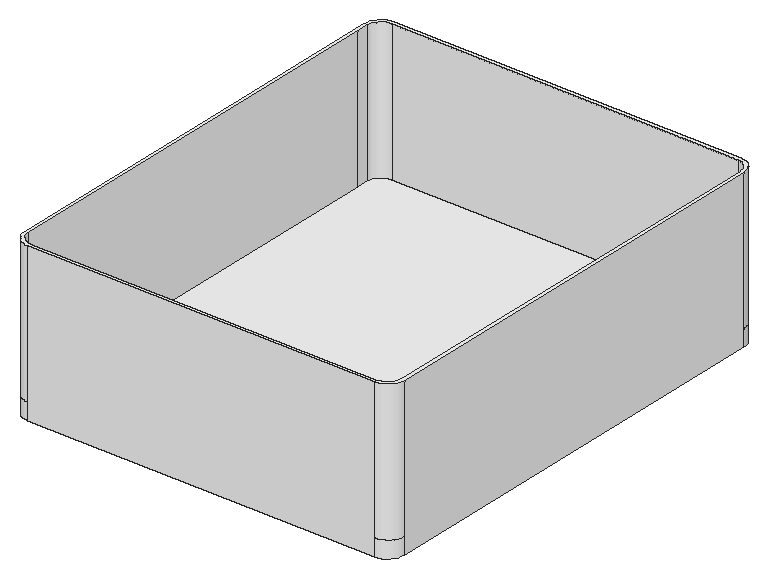
Revit family "Domotics-DomesticRanges-GEWISS-SYSTEM_BOX_WALL-MOUNTING_COMPACT", category Apparecchi elettrici, host Superficie, Revit 2016
Family settings
  Host = Superficie
  Mantenere orientamento annotazione = No
  Tipo di parte = Normale
  Quota connettore circolare = Usa diametro
  Taglio con vuoti quando caricato = No
  Condiviso = Sì
  Punto di calcolo locali = Sì
Parameters (values of type "GW24007 - Compact surface box for 6 gang plates")
  Version file RFA = "19.4"
  URL = "https://www.gewiss.com/ww/en"
  Tipo = System Scatole Parete x Placche Compact_GENERICO : GW24007 Scatola 6 posti da parete compact
  Thermo-pressure with ball = "70 °C"
  Technical sheet = "https://www.gewiss.com/ww/en/search?q=GW24007"
  Suitable for plates = "3+3 gang"
  Suitable for = "3+3 gang COMPACT"
  SEO = "Box"
  Realized by GEWISS S.p.A. = ""
  Default Elevation = 1219.2 mm
  Produttore = "GEWISS S.p.A."
  Montaggio [instance] = ""
  Modello = "GW24007"
  Immagine tipo = GW24007.jpg
  IDT = "f6d0d6ab-408c-4b7e-8fa0-9f8f8c405203"
  IDF = "39974ab4-4bc9-485a-a143-8a4326c98be9"
  Glow Wire Test = "650°C"
  For trunking dim. (mm) = "14x8.5 30x13 20x10"
  For conduits max Ã˜ (mm) = "16 - 20 - 25"
  Electrocod = "0110"
  EAN code = "8011564001824"
  Dist_frutto [instance] = 14.798 mm
  Descrizione = "COMPACT SURFACE BOX FOR 6 GANG PLATES"
  Colour = "Cloud white"
  Characteristics = "Halogen free"
  Catalogue Range = "SYSTEM - BOXES"
  Catalogue = "DOMOTICS"
  COBie.Tagnumber = ""
  COBie.CreatedOn = ""
  COBie.CreatebBy = ""
  COBie.ComponentRegisterItemID = ""
  COBie.Component.TagNumber = ""
  COBie.Component.Space = ""
  COBie.Component.SerialNumber = ""
  COBie.Component.InstallationDate = ""
  COBie.Component.Description = ""
  COBie.Component.BarCode = ""
  Alimentazione [instance] = ""
  S6P = yes
  S3P = not(S6P)  # no
Types (2, lengths in mm): name | Tipo | Technical sheet | Suitable for plates | Suitable for | Modello | Immagine tipo | IDT | EAN code | Dist_frutto | Descrizione | S6P | S3P
  GW24007 - Compact surface box for 6 gang plates | System Scatole Parete x Placche Compact_GENERICO : GW24007 Scatola 6 posti da parete compact | "https://www.gewiss.com/ww/en/search?q=GW24007" | "3+3 gang" | "3+3 gang COMPACT" | "GW24007" | GW24007.jpg | "f6d0d6ab-408c-4b7e-8fa0-9f8f8c405203" | "8011564001824" | 14.798 | "COMPACT SURFACE BOX FOR 6 GANG PLATES" | yes | no
  GW24006 - Compact surface box for 3 gang plates | System Scatole Parete x Placche Compact_GENERICO : GW24006 Scatola 3 posti da parete compact | "https://www.gewiss.com/ww/en/search?q=GW24006" | "1/2/3 gangs" | "1/2/3 gang COMPACT" | "GW24006" | GW24006.jpg | "4e37fbd3-c99c-4dc5-b71f-3b62a4d26df6" | "8011564001817" | 13.349 | "COMPACT SURFACE BOX FOR 3 GANG PLATES" | no | yes
Reference planes
  plane 1 "Centro (Fronte/Retro)": y = 0
  plane 2: z = 0
  plane 3 "Centro (Sinistra/Destra)": x = 0
  plane 4 "Piano frutto": z = 31.702
  plane 5: z = 30.702
Lines and regions (mm)
  model lines, style "InvisibleLines", visible <- "S6P"
    curve 1: line (-55.5, -33.75, 31.702) -> (55.5, -33.75, 31.702)
    curve 2: line (-55.5, 33.75, 31.702) -> (55.5, 33.75, 31.702)
  model lines, style "InvisibleLines", visible <- "S3P"
    curve 3: line (-55.5, 0, 31.702) -> (55.5, 0, 31.702)
Dimensions and locks
  "Dist_frutto": nested 1 to plane 4 "Piano frutto"
  locked: plane 4 "Piano frutto" to plane 5 at 1
  aligned and locked: plane 2 to host face
  aligned and locked: level to host face
  aligned and locked: plane 3 "Centro (Sinistra/Destra)" to nested 1
  aligned and locked: plane 1 "Centro (Fronte/Retro)" to nested 1
  aligned and locked: nested 1 to curve 1  (x2)
  aligned and locked: nested 1 to curve 2  (x2)
  aligned and locked: nested 1 to curve 3
Automatic sketch dimensions
  host sketch curve to host sketch curve = 2438.4 mm  (x2)
  plane 1 "Centro (Fronte/Retro)" to curve 3 = 0 mm
  curve 2 to plane 1 "Centro (Fronte/Retro)" = 33.75 mm
  curve 3 to curve 1 = 33.75 mm
  curve 3 to curve 1 = 0 mm
Nested families
  nested 1: "System Scatole Parete x Placche Compact_GENERICO" at (0, 0, 0), type <- "Tipo", type "GW24007 Scatola 6 posti da parete compact"
Definition of nested family "System Scatole Parete x Placche Compact_GENERICO"
  Parameters (values of type "GW24007 Scatola 6 posti da parete compact")
    Pofondità = 46.5 mm
    Lunghezza = 136 mm
    Larghezza = 113 mm
    Finitura Compact = none
    Dist_centro_fori = 83.5 mm
    Altezza da Terra = 500 mm
  Types (2, lengths in mm): name | Lunghezza | Dist_centro_fori
    GW24006 Scatola 3 posti da parete compact | 83 | 81
    GW24007 Scatola 6 posti da parete compact | 136 | 83.5
  Reference planes
    plane 1 "Centro (Fronte/Retro)": y = 0
    plane 2: z = 0
    plane 3 "Centro (Sinistra/Destra)": x = 0
    plane 4: y = 68
    plane 5: y = -68
    plane 6: x = -56.5
    plane 7: x = 56.5
    plane 8: z = 5
    plane 9: z = 46.5
    plane 10: x = -41.75
    plane 11: x = 41.75
  Forms (mm)
    Extrusion 1, solid, material <- "Finitura Compact"
      sketch origin (0, 568.5, -41.5) x (0, -1, 0) y (1, 0, 0)
        loop
          arc (636.5, 51.499) -> (635.036, 55.035) -> (631.501, 56.5) r 5
          line (631.501, 56.5) -> (505.5, 56.5)
          arc (505.5, 56.5) -> (501.964, 55.036) -> (500.5, 51.5) r 5
          line (500.5, 51.5) -> (500.5, -51.5)
          arc (500.5, -51.5) -> (501.964, -55.036) -> (505.5, -56.5) r 5
          line (505.5, -56.5) -> (631.5, -56.5)
          arc (631.5, -56.5) -> (635.036, -55.036) -> (636.5, -51.5) r 5
          line (636.5, -51.5) -> (636.5, 51.499)
      from 41.5 to 46.5
    Extrusion 2, solid, material <- "Finitura Compact"
      sketch origin (0, 0, 0) x (1, 0, 0) y (0, 1, 0)
        loop
          line (-51.5, -68) -> (51.5, -68)
          arc (51.5, -68) -> (55.036, -66.536) -> (56.5, -63) r 5
          line (56.5, -63) -> (56.5, 63)
          arc (56.5, 63) -> (55.036, 66.536) -> (51.5, 68) r 5
          line (51.5, 68) -> (-51.5, 68)
          arc (-51.5, 68) -> (-55.036, 66.536) -> (-56.5, 63) r 5
          line (-56.5, 63) -> (-56.5, -63)
          arc (-56.5, -63) -> (-55.036, -66.536) -> (-51.5, -68) r 5
        loop
          arc (-55.5, -63) -> (-54.328, -65.828) -> (-51.5, -67) r 4
          line (-51.5, -67) -> (51.5, -67)
          arc (51.5, -67) -> (54.328, -65.828) -> (55.5, -63) r 4
          line (55.5, -63) -> (55.5, 63)
          arc (55.5, 63) -> (54.328, 65.828) -> (51.5, 67) r 4
          line (51.5, 67) -> (-51.5, 67)
          arc (-51.5, 67) -> (-54.328, 65.828) -> (-55.5, 63) r 4
          line (-55.5, 63) -> (-55.5, 59.5) -> (-55.5, -63)
      from 5 to 46.5
  Cuts and joins
    joined: Extrusion 1, Extrusion 2
  Dimensions and locks
    equal spacing: plane 4, plane 1 "Centro (Fronte/Retro)", plane 5
    equal spacing: plane 6, plane 3 "Centro (Sinistra/Destra)", plane 7
    "Larghezza": plane 6 to plane 7
    "Lunghezza": plane 4 to plane 5
    plane 9 to plane 8 to plane 2 = 41.5 mm locked, 5 mm locked
    equal spacing: plane 10, plane 3 "Centro (Sinistra/Destra)", plane 11
    "Dist_centro_fori": plane 10 to plane 11
    aligned and locked: level to plane 2
    aligned and locked: plane 4 to Extrusion 1
    aligned and locked: Extrusion 1 to plane 5
    aligned and locked: Extrusion 1 to plane 7
    aligned and locked: Extrusion 1 to plane 6
    aligned and locked: plane 8 to Extrusion 1
    aligned and locked: plane 4 to Extrusion 2 sketch curve
    aligned and locked: Extrusion 2 sketch curve to plane 5
    aligned and locked: Extrusion 2 sketch curve to plane 7
    aligned and locked: Extrusion 2 sketch curve to plane 6
  Automatic sketch dimensions
    plane 4 to Extrusion 1 sketch curve = 0 mm
    Extrusion 1 sketch curve to plane 7 = 0 mm
    Extrusion 1 sketch curve to Extrusion 1 sketch curve = 5 mm  (x3)
    Extrusion 2 sketch curve to Extrusion 2 sketch curve = 0 mm  (x7)
    Extrusion 2 sketch curve to Extrusion 2 sketch curve = 1 mm
    Extrusion 2 sketch curve to Extrusion 2 sketch curve = 4 mm  (x2)
    plane 7 to Extrusion 2 sketch curve = 5 mm  (x2)
    Extrusion 2 sketch curve to Extrusion 2 sketch curve = 3.5 mm
    Extrusion 1 sketch curve to plane 6 = 0 mm
    Extrusion 1 sketch curve to plane 5 = 0 mm
    plane 5 to Extrusion 1 sketch curve = 5 mm
    plane 5 to Extrusion 1 sketch curve = 4.999 mm
    plane 7 to Extrusion 1 sketch curve = 5.001 mm
